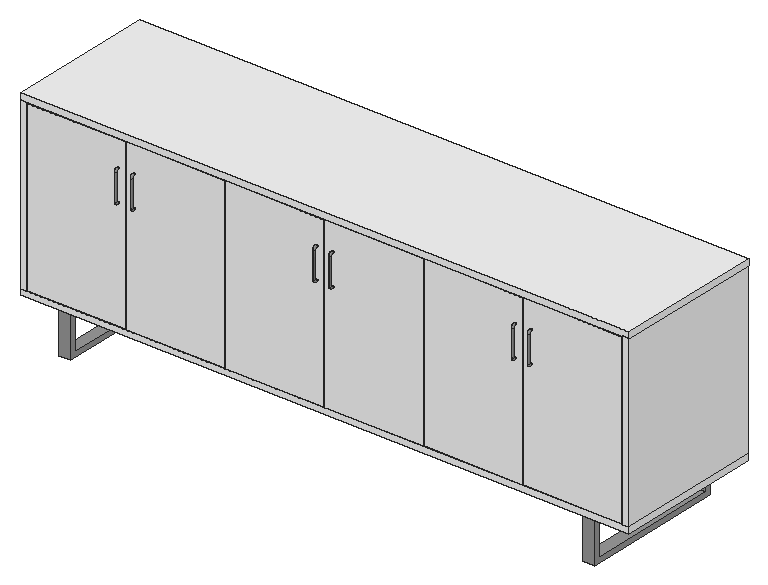
Revit family "Furniture_Storage_Spacestor_Andante Credenza", category Furniture, Revit 2015
Parameters (values of type "6-door - 2454w x 600d x 900h")
  Width = if(Door Number = 1, 854 mm, (if(Door Number = 2, 1654 mm, 2454 mm)))  # 2454 mm
  Spacestor_Andante Credenza_Handle = Spacestor Polished Steel
  Spacestor_Andante Credenza_Framework = Spacestor Polished Steel
  Spacestor_Andante Credenza_Casework = Spacestor White Table Top
  Leg Number = 2
  Leg Centres [instance] = Width - 344 mm  # 2110 mm
  Door Number = 3
  Back Width = 340 mm
Types (3, lengths in mm): name | Width | Leg Centres | Door Number
  2-door - 854w x 600d x 900h | 854 | 510 | 1
  4-door - 1654w x 600d x 900h | 1654 | 1310 | 2
  6-door - 2454w x 600d x 900h | 2454 | 2110 | 3
Reference planes
  plane 1 "Center (Front/Back)": y = 0
  plane 2: z = 0
  plane 3 "Center (Left/Right)": x = 0
Lines and regions (mm)
  Masking region 1
    outline origin (0, 0, 0) x (1, 0, 0) y (0, 1, 0)
      loop
        line (0, 600) -> (0, 0) -> (2454, 0) -> (2454, 600) -> (0, 600)
Dimensions and locks
  locked: plane 1 "Center (Front/Back)" to nested 1 at 10
  plane 3 "Center (Left/Right)" to nested 1 = 147 mm
  group 1 to group 2 = 2110 mm
  group 1 to group 2 = 0 mm  (x2)
  "Leg Centres": nested 1 to nested 2
  plane 1 "Center (Front/Back)" to nested 3 = 0 mm
  aligned and locked: level to plane 2
  aligned and locked: Masking region 1 sketch curve to nested 4  (x4)
Nested families
  nested 1: "Furniture_Storage_Spacestor_Andante Credenza - Leg" at (147, 590, 0), Spacestor_Andante Credenza_Framework <- "Spacestor_Andante Credenza_Framework", type "Furniture_Storage_Spacestor_Andante Credenza - Leg"
    with Spacestor_Andante Credenza_Framework Spacestor Polished Steel
  nested 2: "Furniture_Storage_Spacestor_Andante Credenza - Leg" at (2257, 590, 0), Spacestor_Andante Credenza_Framework <- "Spacestor_Andante Credenza_Framework", type "Furniture_Storage_Spacestor_Andante Credenza - Leg"
    with Spacestor_Andante Credenza_Framework Spacestor Polished Steel
  nested 3: "Furniture_Storage_Spacestor_Andante Credenza - Door Assy" at (29, 18, 197), type "Furniture_Storage_Spacestor_Andante Credenza - Door Assy"
  nested 4: "Furniture_Storage_Spacestor_Andante Credenza - Cupboard Section" at (0, 0, 170), type "Furniture_Storage_Spacestor_Andante Credenza - Cupboard Section"
Definition of nested family "Furniture_Storage_Spacestor_Andante Credenza - Leg"
  Parameters (values of type "Furniture_Storage_Spacestor_Andante Credenza - Leg")
    Spacestor_Andante Credenza_Framework [instance] = none
  Reference planes
    plane 1 "Center (Front/Back)": y = 0
    plane 2: z = 0
    plane 3 "Center (Left/Right)": x = 0
  Forms (mm)
    Extrusion 1, solid, material <- "Spacestor_Andante Credenza_Framework"
      sketch origin (0, 0, 0) x (0, 1, 0) y (0, 0, 1)
        loop
          line (0, 0) -> (0, 170) -> (-580, 170) -> (-580, 0) -> (0, 0)
        loop
          line (-560, 150) -> (-560, 20) -> (-20, 20) -> (-20, 150) -> (-560, 150)
      from 0 to 50
  Dimensions and locks
    aligned and locked: level to plane 2
Definition of nested family "Furniture_Storage_Spacestor_Andante Credenza - Door Assy"
  Parameters (values of type "Furniture_Storage_Spacestor_Andante Credenza - Door Assy")
    Spacestor_Andante Credenza_Handle = none
    Spacestor_Andante Credenza_Casework = none
    Sngl Door = Door Number < 2  # no
    Multi Door = Door Number > 1  # yes
    Door Number Data = if(Door Number < 2, 2, Door Number)  # 3
    Door Number = 3
  Reference planes
    plane 1 "Center (Front/Back)": y = 0
    plane 2: z = 0
    plane 3 "Center (Left/Right)": x = 0
  Dimensions and locks
    equal spacing: group 1, group 2, group 3  (x3)
    locked: plane 2 to nested 1 at 0
    locked: plane 2 to nested 2 at 0
    aligned and locked: level to plane 2
  Nested families
    nested 1: "Furniture_Storage_Spacestor_Andante Credenza - Door" at (0, 0, 0), visible <- "Multi Door", type "Furniture_Storage_Spacestor_Andante Credenza - Door"
    nested 2: "Furniture_Storage_Spacestor_Andante Credenza - Door" at (800, 0, 0), visible <- "Multi Door", type "Furniture_Storage_Spacestor_Andante Credenza - Door"
    nested 3: "Furniture_Storage_Spacestor_Andante Credenza - Door" at (0, 0, 0), visible <- "Sngl Door", type "Furniture_Storage_Spacestor_Andante Credenza - Door"
    nested 4: "Furniture_Storage_Spacestor_Andante Credenza - Door" at (1600, 0, 0), visible <- "Multi Door", type "Furniture_Storage_Spacestor_Andante Credenza - Door"
  Definition of nested family "Furniture_Storage_Spacestor_Andante Credenza - Door"
    Parameters (values of type "Furniture_Storage_Spacestor_Andante Credenza - Door")
      Spacestor_Andante Credenza_Handle = none
      Spacestor_Andante Credenza_Casework = none
      Door Width = 396 mm
      Door Height = 676 mm
    Reference planes
      plane 1 "Center (Front/Back)": y = 0
      plane 2: z = 0
      plane 3 "Center (Left/Right)": x = 0
      plane 4: x = 366
    Forms (mm)
      Extrusion 1, solid, material <- "Spacestor_Andante Credenza_Casework"
        sketch origin (0, 0, 0) x (1, 0, 0) y (0, 0, 1)
          loop
            line (0, 0) -> (396, 0) -> (396, 676) -> (0, 676) -> (0, 0)
        from 0 to 18
      Sweep 2, solid, material <- "Spacestor_Andante Credenza_Handle"
        path origin (366, 127.892, 812.304) x (0, 1, 0) y (0, 0, 1)
          loop
            line (-145.892, -240.304) -> (-151.392, -240.304)
            arc (-151.392, -240.304) -> (-157.049, -242.647) -> (-159.392, -248.304) r 8
            line (-159.392, -248.304) -> (-159.392, -357.304)
            arc (-159.392, -357.304) -> (-157.049, -362.96) -> (-151.392, -365.304) r 8
            line (-151.392, -365.304) -> (-145.892, -365.304)
        profile origin (366, -20.75, 572) x (0, 0, -1) y (1, 0, 0)
          loop
            circle (0, 0) r 3.5
      Extrusion 3, solid, material <- "Spacestor_Andante Credenza_Casework"
        sketch origin (796, 0, 0) x (-1, 0, 0) y (0, 0, -1)
          loop
            line (0, 0) -> (0, -676) -> (396, -676) -> (396, 0) -> (0, 0)
        from 0 to 18
      Sweep 4, solid, material <- "Spacestor_Andante Credenza_Handle"
        path origin (430, 127.892, 812.304) x (0, 1, 0) y (0, 0, -1)
          loop
            line (-145.892, 240.304) -> (-151.392, 240.304)
            arc (-151.392, 240.304) -> (-157.049, 242.647) -> (-159.392, 248.304) r 8
            line (-159.392, 248.304) -> (-159.392, 357.304)
            arc (-159.392, 357.304) -> (-157.049, 362.96) -> (-151.392, 365.304) r 8
            line (-151.392, 365.304) -> (-145.892, 365.304)
        profile origin (430, -20.75, 572) x (0, 0, 1) y (-1, 0, 0)
          loop
            circle (0, 0) r 3.5
    Lines and regions (mm)
      symbolic lines, detail levels coarse+medium
        curve 1: arc (400, 0, 0) -> (413.493, -102.492, 0) -> (453.054, -198, 0) r 396
        curve 2: line (796, 0, 0) -> (453.054, -198, 0)
        curve 3: arc (396, 0, 0) -> (382.507, -102.492, 0) -> (342.946, -198, 0) r 396
        curve 4: line (0, 0, 0) -> (342.946, -198, 0)
    Dimensions and locks
      "Door Height": Extrusion 1 sketch curve to plane 2
      "Door Width": Extrusion 1 sketch curve to plane 3 "Center (Left/Right)"
      plane 4 to Extrusion 1 = 30 mm
      Sweep 2 sketch curve to Sweep 2 sketch curve = 125 mm
      Extrusion 1 to Sweep 2 sketch curve = 13.5 mm  (x2)
      locked: Extrusion 1 to plane 4 at 30
      Sweep 4 sketch curve to Sweep 4 sketch curve = 125 mm
      Extrusion 3 to Sweep 4 sketch curve = 13.5 mm  (x2)
      locked: plane 1 "Center (Front/Back)" to curve 1
      locked: Extrusion 3 to curve 1
      locked: plane 1 "Center (Front/Back)" to curve 2
      locked: curve 2 to Extrusion 3
      locked: plane 1 "Center (Front/Back)" to curve 4 at 0
      locked: curve 4 to plane 3 "Center (Left/Right)"
      "Door Width": radius of curve 1
      "Door Width": radius of curve 3
      angle plane 1 "Center (Front/Back)" to curve 2 = 30.00°
      aligned and locked: level to plane 2
    Automatic sketch dimensions
      Sweep 2 sketch curve to Sweep 2 sketch curve = 8 mm  (x2)
      level to Sweep 2 sketch curve = 447 mm
      Sweep 2 sketch curve to Sweep 2 sketch curve = 5.5 mm  (x2)
      Sweep 4 sketch curve to Sweep 4 sketch curve = 8 mm  (x2)
      level to Sweep 4 sketch curve = 572 mm
      Sweep 4 sketch curve to Sweep 4 sketch curve = 5.5 mm  (x2)
      Sweep 4 sketch curve to profile plane = 0 mm
      profile plane to Sweep 4 sketch curve = 0 mm
      Sweep 2 sketch curve to plane 4 = 0 mm
      Sweep 2 sketch curve to profile plane = 0 mm
      Extrusion 3 sketch curve to level = 0 mm
      Extrusion 3 sketch curve to plane 4 = 430 mm
      Extrusion 3 sketch curve to plane 4 = 34 mm
      Extrusion 3 sketch curve to Extrusion 3 sketch curve = 676 mm
      plane 1 "Center (Front/Back)" to curve 3 = 0 mm
      curve 3 to plane 3 "Center (Left/Right)" = 0 mm
      curve 4 to plane 4 = 23.054 mm
      Extrusion 1 sketch curve to plane 3 "Center (Left/Right)" = 0 mm
      Extrusion 1 sketch curve to level = 0 mm
      radius of Sweep 4 sketch curve = 3.5 mm
      radius of Sweep 2 sketch curve = 3.5 mm
Definition of nested family "Furniture_Storage_Spacestor_Andante Credenza - Cupboard Section"
  Parameters (values of type "Furniture_Storage_Spacestor_Andante Credenza - Cupboard Section")
    Width = 2454 mm
    Spacestor_Andante Credenza_Casework = none
    Depth = 600 mm
    Back Width = Width - 54 mm  # 2400 mm
  Reference planes
    plane 1 "Center (Front/Back)": y = 0
    plane 2: z = 0
    plane 3 "Center (Left/Right)": x = 0
  Dimensions and locks
    locked: plane 3 "Center (Left/Right)" to nested 1 at 2
    locked: plane 1 "Center (Front/Back)" to nested 2
    plane 1 "Center (Front/Back)" to nested 5 = 0 mm
    locked: nested 5 to nested 3 at 2
    locked: plane 3 "Center (Left/Right)" to nested 3 at 0
    aligned and locked: level to plane 2
    aligned and locked: plane 3 "Center (Left/Right)" to nested 3
    aligned and locked: plane 1 "Center (Front/Back)" to nested 3
    aligned and locked: plane 3 "Center (Left/Right)" to nested 2
    aligned and locked: nested 4 to nested 2
    aligned and locked: nested 4 to nested 1
  Nested families
    nested 1: "Furniture_Storage_Spacestor_Andante Credenza - Side" at (2, 0, 25), type "Furniture_Storage_Spacestor_Andante Credenza - Side"
    nested 2: "Furniture_Storage_Spacestor_Andante Credenza - Top-Base" at (0, 0, 0), type "Furniture_Storage_Spacestor_Andante Credenza - Top-Base"
    nested 3: "Furniture_Storage_Spacestor_Andante Credenza - Top-Base" at (0, 0, 705), type "Furniture_Storage_Spacestor_Andante Credenza - Top-Base"
    nested 4: "Furniture_Storage_Spacestor_Andante Credenza - Back" at (27, 600, 25) x (0, -1, 0) z (0, 0, 1), type "Furniture_Storage_Spacestor_Andante Credenza - Back"
    nested 5: "Furniture_Storage_Spacestor_Andante Credenza - Side" at (2427, 0, 25), type "Furniture_Storage_Spacestor_Andante Credenza - Side"
  Definition of nested family "Furniture_Storage_Spacestor_Andante Credenza - Side"
    Parameters (values of type "Furniture_Storage_Spacestor_Andante Credenza - Side")
      Spacestor_Andante Credenza_Casework = none
      Depth = 600 mm
    Reference planes
      plane 1 "Center (Front/Back)": y = 0
      plane 2: z = 0
      plane 3 "Center (Left/Right)": x = 0
    Forms (mm)
      Extrusion 1, solid, material <- "Spacestor_Andante Credenza_Casework"
        sketch origin (0, 0, 0) x (1, 0, 0) y (0, 1, 0)
          loop
            line (0, 0) -> (25, 0) -> (25, 600) -> (0, 600) -> (0, 0)
        from 0 to 680
    Dimensions and locks
      "Depth": plane 1 "Center (Front/Back)" to Extrusion 1 sketch curve
      Extrusion 1 sketch curve to Extrusion 1 sketch curve = 25 mm
      aligned and locked: level to plane 2
    Automatic sketch dimensions
      Extrusion 1 sketch curve to plane 3 "Center (Left/Right)" = 0 mm
      plane 1 "Center (Front/Back)" to Extrusion 1 sketch curve = 0 mm
  Definition of nested family "Furniture_Storage_Spacestor_Andante Credenza - Top-Base"
    Parameters (values of type "Furniture_Storage_Spacestor_Andante Credenza - Top-Base")
      Width = 2454 mm
      Spacestor_Andante Credenza_Casework = none
      Depth = 600 mm
    Reference planes
      plane 1 "Center (Front/Back)": y = 0
      plane 2: z = 0
      plane 3 "Center (Left/Right)": x = 0
    Forms (mm)
      Extrusion 1, solid, material <- "Spacestor_Andante Credenza_Casework"
        sketch origin (0, 0, 0) x (1, 0, 0) y (0, 1, 0)
          loop
            line (0, 0) -> (2454, 0) -> (2454, 600) -> (0, 600) -> (0, 0)
        from 0 to 25
    Dimensions and locks
      "Width": Extrusion 1 sketch curve to Extrusion 1 sketch curve
      "Depth": Extrusion 1 sketch curve to Extrusion 1 sketch curve
      aligned and locked: level to plane 2
    Automatic sketch dimensions
      Extrusion 1 sketch curve to plane 3 "Center (Left/Right)" = 0 mm
      plane 1 "Center (Front/Back)" to Extrusion 1 sketch curve = 0 mm
  Definition of nested family "Furniture_Storage_Spacestor_Andante Credenza - Back"
    Parameters (values of type "Furniture_Storage_Spacestor_Andante Credenza - Back")
      Spacestor_Andante Credenza_Casework = none
      Depth = 880 mm
      Back Width = 2400 mm
    Reference planes
      plane 1 "Center (Front/Back)": y = 0
      plane 2: z = 0
      plane 3 "Center (Left/Right)": x = 0
    Forms (mm)
      Extrusion 1, solid, material <- "Spacestor_Andante Credenza_Casework"
        sketch origin (0, 0, 0) x (1, 0, 0) y (0, 1, 0)
          loop
            line (0, 0) -> (25, 0) -> (25, 2400) -> (0, 2400) -> (0, 0)
        from 0 to 680
    Dimensions and locks
      Extrusion 1 sketch curve to Extrusion 1 sketch curve = 25 mm
      "Back Width": plane 1 "Center (Front/Back)" to Extrusion 1 sketch curve
      aligned and locked: level to plane 2
    Automatic sketch dimensions
      Extrusion 1 sketch curve to plane 3 "Center (Left/Right)" = 0 mm
      plane 1 "Center (Front/Back)" to Extrusion 1 sketch curve = 0 mm
